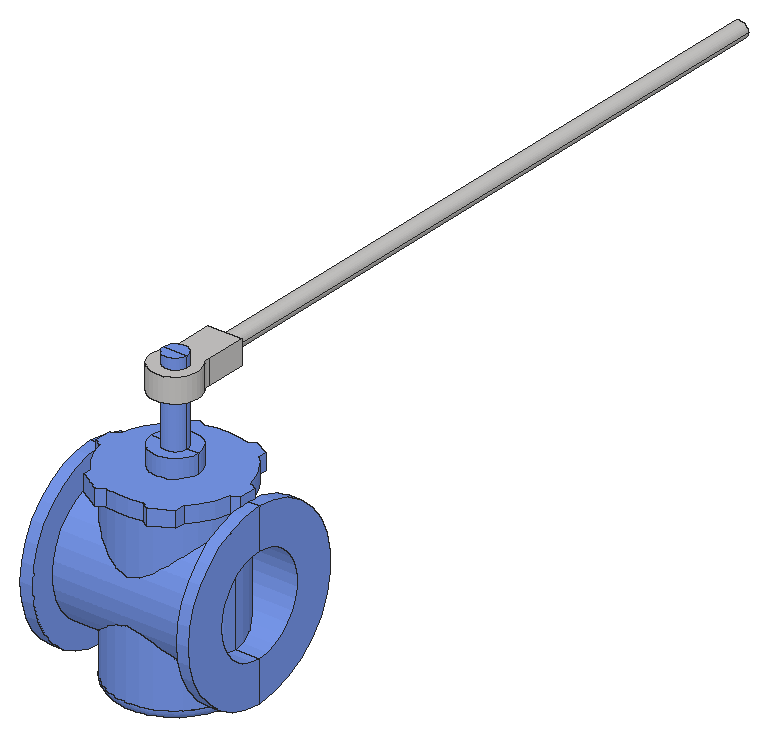
Revit family "VM-5806R_VM-5808R_Series", category Pipe Accessories, Revit 2014
Parameters (values of type "6030-0087 - 6"")
  Wrench = VM-3L_Series : 8L
  Width = 10.500"
  Waste Connection = no
  Vent Connection = no
  Valve Size = 6.000"
  Price = "Prices may vary. Please consult Manufacturer Representative for most up-to-date price list."  # constant formula
  Nominal Length = Actuator Mount Diameter * 0.75  # 1.08845"
  No. of Bolts = 8
  Model = "VMC-5806R/BS"
  Material = "Metal-Zoeller-Cast Iron"  # constant formula
  Manufacturer = "Zoeller"
  Length = Width  # 10.500"
  Height = Center to Top + Center to Bottom  # 19.370"
  HW Connection = no
  Flange Thickness = 0.750"
  Flange Diameter = 11.000"
  Description = "ANSI Class 125 Flanged Cam-centric rectangular plug valve."  # constant formula
  Default Elevation = 0.000"
  Creation Date = "3/4/2016"  # constant formula
  Center to Top = 12.310"
  Center to Bottom = 7.060"
  CWP (PSI) = 175.00 psi  # constant formula
  CW Connection = no
  Bolt Size = 0.750"
  Assembly Code = "D2090800"
  Actuator Mount Height = 5.880"
  Actuator Mount Diameter = 1.45126"
  Actuator Mount Base Diameter = Actuator Mount Diameter * 2  # 2.90253"
Types (3): name | Width | Valve Size | Nominal Length | Length | Height | Flange Thickness | Flange Diameter | Center to Top | Center to Bottom | Actuator Mount Diameter | Actuator Mount Base Diameter
  (no name) | 10.500" | 6.000" | 1.08845" | 10.500" | 19.370" | 0.750" | 11.000" | 12.310" | 7.060" | 1.45126" | 2.90253"
  6030-0087 - 6" | 10.500" | 6.000" | 1.08845" | 10.500" | 19.370" | 0.750" | 11.000" | 12.310" | 7.060" | 1.45126" | 2.90253"
  6030-0088 - 8" | 11.500" | 8.000" | 1.122" | 11.500" | 22.631" | 0.880" | 13.500" | 13.881" | 8.750" | 1.496" | 2.992"
Reference planes (in)
  plane 1 "Center (Front/Back)": y = 0
  plane 2: z = 0
  plane 3 "Center (Left/Right)": x = 0
  plane 4: x = -5.25
  plane 5: x = 5.25
  plane 6: y = 5.25
  plane 7: y = -5.25
  plane 8: z = 3
  plane 9: z = -3
  plane 10: z = 5
  plane 11: z = -7.06
  plane 12: z = 5.5
  plane 13: z = -5.5
  plane 14: z = 12.31
  plane 15: x = -0.72563
  plane 16: x = 0.72563
  plane 17: x = -1.45126
  plane 18: x = 1.45126
  plane 19: x = -4.125
  plane 20: y = 4.875
  plane 21: y = 4.5
  plane 22: y = -4.875
  plane 23: y = -4.5
  plane 24: x = -4.875
  plane 25: x = -4.5
  plane 26: x = 4.875
  plane 27: x = 4.5
  plane 28: x = 4.125
  plane 29: y = 0.54422
  plane 30: y = -0.54422
  plane 31: through (-0.69196, 2.28695, 48) normal (-0.866, -0.5, 0)
  plane 32: through (-1.63458, 1.74273, 48) normal (-0.866, -0.5, 0)
  plane 33: through (0.69196, 2.28695, 48) normal (-0.866, 0.5, 0)
  plane 34: through (1.63458, 1.74273, 48) normal (-0.866, 0.5, 0)
  plane 35: through (-0.53485, -2.37766, 48) normal (0.866, -0.5, 0)
  plane 36: through (-1.79168, -1.65202, 48) normal (0.866, -0.5, 0)
  plane 37: through (0.53485, -2.37766, 48) normal (0.866, 0.5, 0)
  plane 38: through (1.79168, -1.65202, 48) normal (0.866, 0.5, 0)
  plane 39: through (0, 0, 48) normal (-0.866, -0.5, 0)
  plane 40: through (0, 0, 48) normal (-0.866, 0.5, 0)
  plane 41: through (-10.76096, 0.03771, 48) normal (-0.4848, 0.8746, 0)
  plane 42: through (-8.09139, -4.48513, 48) normal (-0.4848, 0.8746, 0)
  plane 43: through (-5.67046, -9.1458, 48) normal (-0.4848, 0.8746, 0)
  plane 44: through (10.76096, 0.03771, 48) normal (-0.4848, -0.8746, 0)
  plane 45: through (8.09139, -4.48513, 48) normal (-0.4848, -0.8746, 0)
  plane 46: through (5.67046, -9.1458, 48) normal (-0.4848, -0.8746, 0)
Forms (in)
  Revolve 1, solid, material "Metal-Zoeller-Cast Iron"
    sketch origin (0, 0, 0) x (1, 0, 0) y (0, 0, 1)
      loop
        line (-5.25, 5.5) -> (-5.25, 3) -> (5.25, 3) -> (5.25, 5.5) -> (4.5, 5.5) -> (4.5, 4) -> (-4.5, 4) -> (-4.5, 5.5) -> (-5.25, 5.5)
      axis (-5.25, 0) -> (5.25, 0)
    angle from 0 to 360
  Revolve 2, solid, material "Metal-Zoeller-Cast Iron"
    sketch origin (0, 0, 0) x (1, 0, 0) y (0, 0, 1)
      loop
        line (-0.72563, 12.31) -> (-0.72563, 7.125) -> (-1.45126, 7.125) -> (-1.45126, 6) -> (-4.125, 6) -> (-4.125, 5) -> (-3.75, 5) -> (-3.75, -5.65527)
        arc (-3.75, -5.65527) -> (-3.56702, -6.09702) -> (-3.12527, -6.28) r 0.62473
        line (-3.12527, -6.28) -> (-1.08845, -6.28) -> (-1.08845, -7.06) -> (0, -7.06) -> (0, 12.31) -> (-0.72563, 12.31)
      axis (0, -7.06) -> (0, 12.31)
    angle from 0 to 360
  Extrusion 3, solid, material "Metal-Zoeller-Cast Iron"
    sketch origin (0, 0, 0) x (1, 0, 0) y (0, 1, 0)
      loop
        line (-4.5, 0.54422) -> (-4.5, -0.54422) -> (-2.88509, -1.47659) -> (-2.88509, -3.54586) -> (-1.61559, -4.24955) -> (0, -3.31679) -> (1.61559, -4.24955) -> (2.88509, -3.54586) -> (2.88509, -1.47659) -> (4.5, -0.54422) -> (4.5, 0.54422) -> (2.7264, 1.56821) -> (2.7264, 3.63382) -> (1.77428, 4.16159) -> (0, 3.13721) -> (-1.77428, 4.16159) -> (-2.7264, 3.63382) -> (-2.7264, 1.56821) -> (-4.5, 0.54422)
    from 5 to 6
Cuts and joins
  joined: Revolve 2, Extrusion 3
Dimensions and locks (in)
  "Length": plane 5 to plane 4
  equal spacing: plane 5, plane 3 "Center (Left/Right)", plane 4
  "Width": plane 6 to plane 7
  equal spacing: plane 6, plane 1 "Center (Front/Back)", plane 7
  "Valve Size": plane 8 to plane 9
  equal spacing: plane 8, level, plane 9
  "Flange Diameter": plane 12 to plane 13
  equal spacing: plane 12, level, plane 13
  locked: plane 12 to plane 10 at 0.5
  "Center to Bottom": level to plane 11
  "Center to Top": plane 14 to level
  "Actuator Mount Diameter": plane 16 to plane 15
  equal spacing: plane 16, plane 3 "Center (Left/Right)", plane 15
  "Actuator Mount Base Diameter": plane 18 to plane 17
  equal spacing: plane 18, plane 3 "Center (Left/Right)", plane 17
  equal spacing: plane 15, Revolve 2 sketch curve, plane 17
  equal spacing: plane 13, Revolve 2 sketch curve, plane 11
  locked: Revolve 2 sketch curve to plane 10 at 1
  locked: Revolve 2 sketch curve to Revolve 2 sketch curve at 1.125
  locked: plane 20 to plane 6 at 0.375
  locked: plane 21 to plane 20 at 0.375
  locked: plane 22 to plane 7 at 0.375
  locked: plane 23 to plane 22 at 0.375
  locked: plane 24 to plane 4 at 0.375
  locked: plane 25 to plane 24 at 0.375
  locked: plane 27 to plane 26 at 0.375
  locked: plane 26 to plane 5 at 0.375
  locked: plane 25 to plane 19 at 0.375
  locked: plane 28 to plane 27 at 0.375
  "Flange Thickness": Revolve 1 sketch curve to plane 4
  "Flange Thickness": Revolve 1 sketch curve to plane 5
  locked: Revolve 2 sketch curve to plane 19 at 0.375
  "Nominal Length": plane 30 to plane 29
  equal spacing: plane 30, plane 1 "Center (Front/Back)", plane 29
  "Nominal Length": plane 32 to plane 31
  equal spacing: plane 32, plane 39, plane 31
  "Nominal Length": plane 34 to plane 33
  equal spacing: plane 34, plane 40, plane 33
  "Length": plane 41 to plane 43
  equal spacing: plane 41, plane 42, plane 43
  "Length": plane 44 to plane 46
  equal spacing: plane 44, plane 45, plane 46
  locked: plane 41 to Extrusion 3 sketch curve at 0.75
  plane 44 to Extrusion 3 sketch curve = 0.750"
  locked: plane 46 to Extrusion 3 sketch curve at 0.75
  locked: plane 43 to Extrusion 3 sketch curve at 0.75
  equal spacing: plane 10, Revolve 1 sketch curve, plane 8
  locked: plane 14 to nested 1 at 0.625
  locked: plane 29 to Extrusion 3 sketch curve (angle 30.00°)
  locked: Extrusion 3 sketch curve to plane 30 (angle 30.00°)
  locked: Extrusion 3 sketch curve to plane 32 (angle 30.00°)
  locked: plane 31 to Extrusion 3 sketch curve (angle 30.00°)
  locked: Extrusion 3 sketch curve to plane 33 (angle 30.00°)
  locked: plane 34 to Extrusion 3 sketch curve (angle 30.00°)
  locked: plane 36 to Extrusion 3 sketch curve (angle 30.00°)
  locked: Extrusion 3 sketch curve to plane 35 (angle 30.00°)
  locked: plane 37 to Extrusion 3 sketch curve (angle 30.00°)
  locked: Extrusion 3 sketch curve to plane 38 (angle 30.00°)
  locked: Extrusion 3 sketch curve to plane 29 (angle 30.00°)
  locked: plane 30 to Extrusion 3 sketch curve (angle 30.00°)
  aligned and locked: plane 4 to Revolve 1 sketch curve
  aligned and locked: plane 5 to Revolve 1 sketch curve
  aligned and locked: Revolve 1 sketch curve to Revolve 1 sketch curve
  aligned and locked: Revolve 1 sketch curve to plane 8
  aligned and locked: Revolve 1 sketch curve to plane 12
  aligned and locked: plane 11 to Revolve 2 sketch curve
  aligned and locked: plane 14 to Revolve 2 sketch curve
  aligned and locked: Revolve 2 sketch curve to plane 15
  aligned and locked: plane 25 to Extrusion 3 sketch curve
  aligned and locked: plane 29 to Extrusion 3 sketch curve  (x2)
  aligned and locked: plane 30 to Extrusion 3 sketch curve  (x2)
  aligned and locked: Extrusion 3 to Revolve 2
  aligned and locked: Extrusion 3 to plane 10
  aligned and locked: Extrusion 3 sketch curve to plane 27
  aligned and locked: plane 32 to Extrusion 3 sketch curve
  aligned and locked: plane 31 to Extrusion 3 sketch curve
  aligned and locked: plane 33 to Extrusion 3 sketch curve
  aligned and locked: plane 34 to Extrusion 3 sketch curve
  aligned and locked: plane 36 to Extrusion 3 sketch curve
  aligned and locked: plane 35 to Extrusion 3 sketch curve
  aligned and locked: plane 37 to Extrusion 3 sketch curve
  aligned and locked: plane 38 to Extrusion 3 sketch curve
  aligned and locked: nested 1 to plane 1 "Center (Front/Back)"
  aligned and locked: plane 3 "Center (Left/Right)" to nested 1
Automatic sketch dimensions
  Revolve 2 sketch curve to plane 19 = 0.000"
  Revolve 2 sketch curve to plane 17 = 0.000"
  Revolve 2 sketch curve to plane 3 "Center (Left/Right)" = 0.000"  (x2)
  Revolve 2 sketch curve to plane 10 = 0.000"
  Revolve 2 sketch curve to plane 13 = 0.15527"
  plane 11 to Revolve 2 sketch curve = 13.500"
  Revolve 2 sketch curve to Revolve 2 sketch curve = 4.250"
  Revolve 1 sketch curve to level = 0.000"
  Revolve 1 sketch curve to plane 12 = 0.000"
  Revolve 1 sketch curve to plane 4 = 0.250"
  Revolve 1 sketch curve to Revolve 1 sketch curve = 5.500"
Nested families (in)
  nested 1: "VM-3L_Series" at (0, 0, 10.935) x (0, 1, 0) z (0, 0, 1), type <- "Wrench", type "8L"
Connectors (in)
  piping at (5.25, 0, 0), diameter 6, driven by "Valve Size"
    settings: on Revolve 1, index 1, connector inside diameter 24", connector length 0.000", flow factor 0, pipe flow 0 GPM, pressure drop 0.00 psi, fitting loss kfactor 0, connector angle 0.00°, fixture units 0, engagement length 0.000", angle of deflection 0.00°, flow configuration 0, flow direction 2, fitting loss method 0, system type 29, joint type 0, gender type 0, connector reference index -1, connector utility 0, adjustable connector no, is connector primary yes, connector description ""
  piping at (-5.25, 0, 0), diameter 6, driven by "Valve Size"
    settings: on Revolve 1, index 2, connector inside diameter 24", connector length 0.000", flow factor 0, pipe flow 0 GPM, pressure drop 0.00 psi, fitting loss kfactor 0, connector angle 0.00°, fixture units 0, engagement length 0.000", angle of deflection 0.00°, flow configuration 0, flow direction 1, fitting loss method 0, system type 29, joint type 0, gender type 0, connector reference index -1, connector utility 0, adjustable connector no, is connector primary no, connector description ""
Definition of nested family "VM-3L_Series"
  Parameters (values of type "4L")
    Waste Connection = no
    Vent Connection = no
    Price = "Prices may vary. Please consult Manufacturer Representative for most up-to-date price list."  # constant formula
    Model = "4L"
    Material = "Metal-Zoeller-Cast Iron"  # constant formula
    Manufacturer = "Zoeller"
    Length = 22.000"
    HW Connection = no
    Description = "Wrench Lengths for Lever Operated Valves"  # constant formula
    Default Elevation = 0.000"
    Creation Date = "3/4/2016"  # constant formula
    CW Connection = no
    Assembly Code = "D2090800"
  Types (3): name | Length
    (no name) | 22.000"
    4L | 22.000"
    8L | 44.000"
  Reference planes (in)
    plane 1 "Center (Front/Back)": y = 0
    plane 2: z = 0
    plane 3 "Center (Left/Right)": x = 0
    plane 4: x = 22
    plane 5: z = 0.75
    plane 6: z = -0.75
  Forms (in)
    Revolve 1, solid, material "Metal-Zoeller-Stainless Steel"
      sketch origin (0, 0, 0) x (1, 0, 0) y (0, 1, 0)
        loop
          line (0, 0) -> (22, 0) -> (22, 0.5) -> (0, 0.5) -> (0, 0)
        axis (22, 0) -> (0, 0)
      angle from 0 to 360
    Extrusion 2, solid, material "Metal-Zoeller-Stainless Steel"
      sketch origin (0, 0, 0) x (1, 0, 0) y (0, 1, 0)
        loop
          arc (0.76217, 1.20355) -> (-1.48818, 0) -> (0.76217, -1.20355) r 1.44702
          arc (0.76217, -1.20355) -> (1.02813, -1.07788) -> (1.31911, -1.03475) r 1.0032
          line (1.31911, -1.03475) -> (3.85816, -1.03475) -> (3.85816, 1.03475) -> (1.31911, 1.03475)
          arc (1.31911, 1.03475) -> (1.02813, 1.07788) -> (0.76217, 1.20355) r 1.0032
      from -0.75 to 0.75
  Cuts and joins
    joined: Revolve 1, Extrusion 2
  Dimensions and locks (in)
    "Length": plane 3 "Center (Left/Right)" to plane 4
    aligned and locked: Revolve 1 sketch curve to plane 3 "Center (Left/Right)"
    aligned and locked: plane 4 to Revolve 1 sketch curve
  Automatic sketch dimensions
    plane 1 "Center (Front/Back)" to Revolve 1 sketch curve = 0.000"  (x2)
    Revolve 1 sketch curve to plane 1 "Center (Front/Back)" = 0.500"
    Revolve 1 sketch curve to plane 3 "Center (Left/Right)" = 9.500"
    Revolve 1 sketch curve to Revolve 1 sketch curve = 3.250"
    plane 1 "Center (Front/Back)" to Extrusion 2 sketch curve = 0.000"
    Extrusion 2 sketch curve to plane 3 "Center (Left/Right)" = 0.04116"
    plane 3 "Center (Left/Right)" to Extrusion 2 sketch curve = 1.31911"  (x2)
    plane 1 "Center (Front/Back)" to Extrusion 2 sketch curve = 1.03475"
    Extrusion 2 sketch curve to Extrusion 2 sketch curve = 2.53905"
    Extrusion 2 sketch curve to Extrusion 2 sketch curve = 1.0032"  (x2)
    Extrusion 2 sketch curve to plane 1 "Center (Front/Back)" = 1.03475"
    Extrusion 2 sketch curve to Extrusion 2 sketch curve = 0.000"
